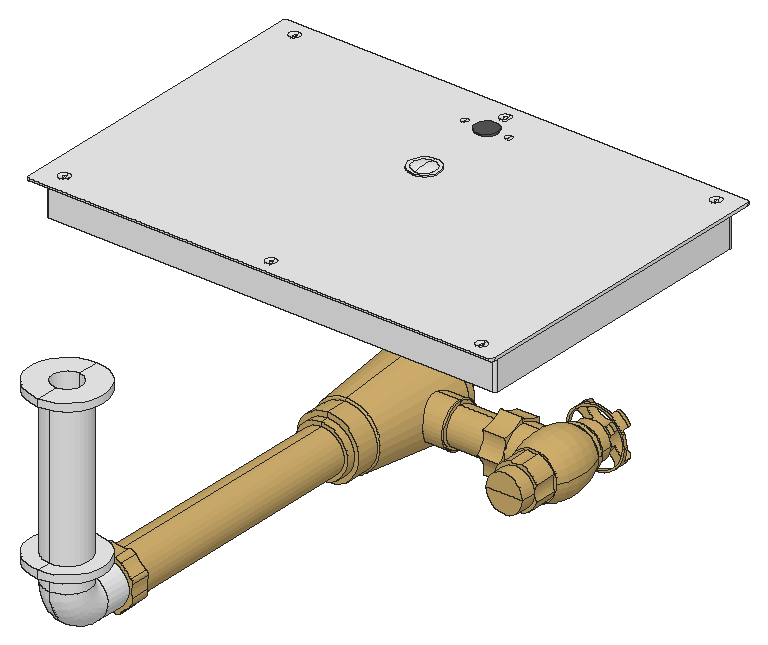
Revit family "Flush_Valve-Urinal_Concealed-American_Standard-Selectronic-Exposed_Back_Spud-606B5XX_Series", category Plumbing Fixtures, host Face, Revit 2019
Family settings
  Host = Face
  Round Connector Dimension = Use Diameter
  Part Type = Normal
  OmniClass Number = 23.65.70.00
  OmniClass Title = Terminals for Supplied Liquids and Gases
  Cut with Voids When Loaded = Yes
  Shared = Yes
  Room Calculation Point = No
Parameters (values of type "606B.510.007")
  Width = 15 7/8"  # constant formula
  Waste Connection = no
  Warranty Information = "1 Year Limited Warranty"  # constant formula
  WFU = 5  # constant formula
  Vent Connection = no
  URL = "http://www.americanstandard-us.com/"
  Type Comments = "Power Kits Must Be Purchased Separately."  # constant formula
  Tube Length to Wall Constraint = 5"
  Tube Length to Wall = if(Tube Length to Wall Constraint > 8", 8", Tube Length to Wall Constraint)  # 5"
  Revised Date = "10/01/2021"  # constant formula
  Product Page URL = "https://www.americanstandard-us.com/Sensor-Flush-Valves/Ultima-Selectronic-Concealed-Urinal-Flush-Valve-with-Wall-Box-Base-Model-Piston-Type-10-gpf-38-Lpf/NO-FINISH-606B510007"
  Product Documentation Link = "https://americanstandard.box.com/shared/static/hffuhxsp03k6ij2fh81jp4kf0t2vi0qi.pdf"
  Price = "Prices may vary. Please consult Manufacturer Representative for most up-to-date price list."  # constant formula
  PK00.WRK Power Kit = no
  PK00.PAC Power Kit = no
  PK00.MAC Power Kit = no
  PK00.HAC Power Kit = no
  PK00.CRP Power Kit = no
  Operating Pressure = "20 psi (flowing) - 80 psi (static)"  # constant formula
  NPT Distance to Valve Constraint = 6"
  NPT Distance to Valve = if(NPT Distance to Valve Constraint < 4 1/4", 4 1/4", if(NPT Distance to Valve Constraint > 5 1/4", 5 1/4", NPT Distance to Valve Constraint))  # 5 1/4"
  Model = "606B.510.007"
  Material = "Brass-American Standard-Satin Brass"
  Manufacturer = "American Standard"  # constant formula
  Installation Type = "Concealed, Back Spud"  # constant formula
  Height = 11"  # constant formula
  HWFU = 0  # constant formula
  HW Connection = no
  Flush Rate = "1.0 gpf/0.5 Lpf"
  Finish - Wall Box = Stainless Steel-American Standard-007-Chrome
  Finish = Brass-American Standard-Satin Brass
  Description = "Ultima Selectronic Sensor Operated Concealed Urinal Flush Valve"  # constant formula
  Default Elevation = 0"
  Critical Line Distance from Tube Constraint = 5"
  Critical Line Distance from Tube = if(Critical Line Distance from Tube Constraint < 6", 6", Critical Line Distance from Tube Constraint)  # 6"
  Creation Date = "03/30/2021"  # constant formula
  Cold Water Connection Radius = 3/8"
  Cold Water Connection Diameter = Cold Water Connection Radius * 2  # 3/4"
  CWFU = 5  # constant formula
  CW Connection = yes
  Assembly Code = "D2020100"
  ADA Compliant = yes
Types (4): name | Product Page URL | NPT Distance to Valve Constraint | Model | Flush Rate | Critical Line Distance from Tube Constraint
  (no name) | "https://www.americanstandard-us.com/Sensor-Flush-Valves/Ultima-Selectronic-Concealed-Urinal-Flush-Valve-with-Wall-Box-Base-Model-Piston-Type-10-gpf-38-Lpf/NO-FINISH-606B510007" | 6" | "606B.510.007" | "1.0 gpf/0.5 Lpf" | 5"
  606B.501.007 | "hhttps://www.americanstandard-us.com/Sensor-Flush-Valves/Ultima-Selectronic-Concealed-Urinal-Flush-Valve-with-Wall-Box-Base-Model-Piston-Type-0125-gpf-05-Lpf/NO-FINISH-606B501007" | 5 1/4" | "606B.501.007" | "0.125 gpf/0.5 Lpf" | 6"
  606B.510.007 | "https://www.americanstandard-us.com/Sensor-Flush-Valves/Ultima-Selectronic-Concealed-Urinal-Flush-Valve-with-Wall-Box-Base-Model-Piston-Type-10-gpf-38-Lpf/NO-FINISH-606B510007" | 6" | "606B.510.007" | "1.0 gpf/0.5 Lpf" | 5"
  606B.505.007 | "https://www.americanstandard-us.com/Sensor-Flush-Valves/Ultima-Selectronic-Concealed-Urinal-Flush-Valve-with-Wall-Box-Base-Model-Piston-Type-05-gpf-19-Lpf/NO-FINISH-606B505007" | 5 1/4" | "606B.505.007" | "0.5 gpf/1.9 Lpf" | 6"
Reference planes (in)
  plane 1 "Center (Front/Back)": y = 0
  plane 2: z = 0
  plane 3 "Center (Left/Right)": x = 0
  plane 4: y = 1.69552
  plane 5: y = 18.51443
  plane 6: y = 8.6875
  plane 7: y = 8.51443
  plane 8: y = 18.51443
  plane 9: y = 18.51443
  plane 10: y = 8.51443
  plane 11: y = 17.78651
  plane 12: y = 17.78651
  plane 13: y = 15.22284
  plane 14: y = 15.72897
  plane 15: x = 5.25
  plane 16: z = -6.66867
  plane 17: y = 6
  plane 18: y = 14.25
  plane 19: z = -5
  plane 20: y = 19.1875
  plane 21: y = 8.1875
  plane 22: x = 7.9375
  plane 23: x = -7.9375
Forms (in)
  Revolve 1, solid, material "Brass-American Standard-Satin Brass" <- "Finish"
    sketch origin (0, -21.89848, -8) x (0, -1, 0) y (0, 0, 1)
      loop
        line (-23.59401, 1.33133) -> (-23.59401, 2.33133) -> (-24.21901, 2.33133) -> (-24.21901, 2.08133) -> (-32.75048, 2.08133) -> (-32.75048, 2.21921) -> (-33.01835, 2.21921) -> (-33.01835, 2.39383) -> (-33.78323, 2.39383)
        arc (-33.78323, 2.39383) -> (-33.7917, 2.44131) -> (-33.83145, 2.46863) r 0.0625
        arc (-33.83145, 2.46863) -> (-35.48525, 2.73098) -> (-37.15673, 2.83133) r 17.20619
        line (-37.15673, 2.83133) -> (-37.15673, 2.70692) -> (-37.53151, 2.70692) -> (-37.53151, 2.45692) -> (-37.71901, 2.45692) -> (-37.71901, 1.92433) -> (-37.84401, 1.92433) -> (-37.84401, 1.95633) -> (-38.59401, 1.95633) -> (-38.59401, 1.33133) -> (-23.59401, 1.33133)
      axis (-38.59401, 1.33133) -> (-23.59401, 1.33133)
    angle from 0 to 360
  Sweep 2, solid, material "Stainless Steel-American Standard-007-Chrome" <- "Finish - Wall Box"
    path origin (0, 0, -6.78125) x (0, 0, -1) y (0, 1, 0)
      loop
        line (-0.11258, 1.69552) -> (-0.11258, 0.8)
        arc (-0.11258, 0.8) -> (-0.34689, 0.23431) -> (-0.91258, 0) r 0.8
        line (-0.91258, 0) -> (-1.73071, 0)
    profile origin (0, 1.24776, -6.66867) x (0, 0, -1) y (1, 0, 0)
      loop
        circle (0, 0) r 0.75
  Revolve 3, solid, material "Brass-American Standard-Satin Brass" <- "Finish"
    sketch origin (-8.47849, 14.25, -7.98125) x (-1, 0, 0) y (0, 0, 1)
      loop
        line (-8.47849, 1.31258) -> (-13.72849, 1.31258) -> (-13.72849, 0.50008) -> (-12.60349, 0.50008) -> (-12.60349, 0.31258) -> (-11.85349, 0.31258) -> (-11.85349, 0.68758) -> (-10.48636, 0.68758) -> (-10.48636, 0.59274)
        arc (-10.48636, 0.59274) -> (-10.47753, 0.57141) -> (-10.4562, 0.56258) r 0.03016
        line (-10.4562, 0.56258) -> (-8.47849, 0.56258) -> (-8.47849, 1.31258)
      axis (-13.72849, 1.31258) -> (-8.47849, 1.31258)
    angle from 0 to 360
  Extrusion 4, solid, material "Stainless Steel-American Standard-007-Chrome"
    sketch origin (0.00041, -3.21824, 2.68694) x (1, 0, 0) y (0, 1, 0)
      loop
        arc (7.5771, 11.90776) -> (7.63278, 11.93082) -> (7.65584, 11.9865) r 0.07874
        line (7.65584, 11.9865) -> (7.65584, 21.90406)
        arc (7.65584, 21.90406) -> (7.63278, 21.95974) -> (7.5771, 21.9828) r 0.07874
        line (7.5771, 21.9828) -> (-7.57792, 21.9828)
        arc (-7.57792, 21.9828) -> (-7.6336, 21.95974) -> (-7.65666, 21.90406) r 0.07874
        line (-7.65666, 21.90406) -> (-7.65666, 11.9865)
        arc (-7.65666, 11.9865) -> (-7.6336, 11.93082) -> (-7.57792, 11.90776) r 0.07874
        line (-7.57792, 11.90776) -> (7.5771, 11.90776)
      loop
        line (-7.53166, 21.8578) -> (-7.53166, 12.03375) -> (7.53084, 12.03375) -> (7.53084, 21.8578) -> (-7.53166, 21.8578)
    from -3.93694 to -2.68694
  Extrusion 5, solid, material "Stainless Steel-American Standard-007-Chrome" <- "Finish - Wall Box"
    sketch origin (0, 0, 0) x (1, 0, 0) y (0, 1, 0)
      loop
        arc (7.82813, 8.1875) -> (7.90546, 8.21954) -> (7.9375, 8.29687) r 0.10938
        line (7.9375, 8.29687) -> (7.9375, 19.07812)
        arc (7.9375, 19.07812) -> (7.90546, 19.15546) -> (7.82813, 19.1875) r 0.10938
        line (7.82813, 19.1875) -> (-7.82894, 19.1875)
        arc (-7.82894, 19.1875) -> (-7.9057, 19.1557) -> (-7.9375, 19.07894) r 0.10856
        line (-7.9375, 19.07894) -> (-7.9375, 8.29687)
        arc (-7.9375, 8.29687) -> (-7.90546, 8.21954) -> (-7.82812, 8.1875) r 0.10937
        line (-7.82812, 8.1875) -> (7.82813, 8.1875)
    from 0 to 0.07874
  Revolve 6, void
    sketch origin (-7.1875, 0.4375, -2.03227) x (0, 0, -1) y (0, 1, 0)
      loop
        line (-2.11101, 18.07693) -> (-2.07901, 18.16987) -> (-2.07901, 18.25) -> (-2.11101, 18.25) -> (-2.11101, 18.07693)
      axis (-2.11101, 18.25) -> (-2.07164, 18.25)
    angle from 0 to 360
  Revolve 7, void
    sketch origin (-7.1875, -9.38943, -2.03227) x (0, 0, -1) y (0, 1, 0)
      loop
        line (-2.11101, 18.07693) -> (-2.07901, 18.16987) -> (-2.07901, 18.25) -> (-2.11101, 18.25) -> (-2.11101, 18.07693)
      axis (-2.11101, 18.25) -> (-2.07164, 18.25)
    angle from 0 to 360
  Revolve 8, void
    sketch origin (7.1875, -9.5625, -2.03227) x (0, 0, -1) y (0, 1, 0)
      loop
        line (-2.11101, 18.07693) -> (-2.07901, 18.16987) -> (-2.07901, 18.25) -> (-2.11101, 18.25) -> (-2.11101, 18.07693)
      axis (-2.11101, 18.25) -> (-2.07164, 18.25)
    angle from 0 to 360
  Revolve 9, void
    sketch origin (7.1875, 0.4375, -2.03227) x (0, 0, -1) y (0, 1, 0)
      loop
        line (-2.11101, 18.07693) -> (-2.07901, 18.16987) -> (-2.07901, 18.25) -> (-2.11101, 18.25) -> (-2.11101, 18.07693)
      axis (-2.11101, 18.25) -> (-2.07164, 18.25)
    angle from 0 to 360
  Revolve 10, void
    sketch origin (0, 0.4375, -2.03227) x (0, 0, -1) y (0, 1, 0)
      loop
        line (-2.11101, 18.07693) -> (-2.07901, 18.16987) -> (-2.07901, 18.25) -> (-2.11101, 18.25) -> (-2.11101, 18.07693)
      axis (-2.11101, 18.25) -> (-2.07164, 18.25)
    angle from 0 to 360
  Revolve 11, void
    sketch origin (0, -9.5625, -2.03227) x (0, 0, -1) y (0, 1, 0)
      loop
        line (-2.11101, 18.07693) -> (-2.07901, 18.16987) -> (-2.07901, 18.25) -> (-2.11101, 18.25) -> (-2.11101, 18.07693)
      axis (-2.11101, 18.25) -> (-2.07164, 18.25)
    angle from 0 to 360
  Revolve 12, void
    sketch origin (-0.75, -0.36192, -2.03227) x (0, 0, -1) y (0, 1, 0)
      loop
        line (-2.11101, 18.14844) -> (-2.07901, 18.20993) -> (-2.07901, 18.25) -> (-2.11101, 18.25) -> (-2.11101, 18.14844)
      axis (-2.11101, 18.25) -> (-2.07164, 18.25)
    angle from 0 to 360
  Revolve 13, void
    sketch origin (0.75, -0.36192, -2.03227) x (0, 0, -1) y (0, 1, 0)
      loop
        line (-2.11101, 18.14844) -> (-2.07901, 18.20993) -> (-2.07901, 18.25) -> (-2.11101, 18.25) -> (-2.11101, 18.14844)
      axis (-2.11101, 18.25) -> (-2.07164, 18.25)
    angle from 0 to 360
  Revolve 14, solid, material "Stainless Steel-American Standard-007-Chrome" <- "Finish - Wall Box"
    sketch origin (0, 23.1149, 51.16511) x (0, 0, -1) y (0, 1, 0)
      loop
        line (51.08637, -7.89205) -> (51.08637, -7.38592) -> (51.05437, -7.38592) -> (51.05437, -7.51092)
        arc (51.05437, -7.51092) -> (51.01515, -7.6997) -> (51.002, -7.89205) r 1.41307
        line (51.002, -7.89205) -> (51.08637, -7.89205)
      axis (51.002, -7.89205) -> (51.08637, -7.89205)
    angle from 0 to 360
  Extrusion 15, void
    sketch origin (2.67097, 2.78368, -8.01931) x (0, 1, 0) y (0, 0, 1)
      loop
        arc (12.45466, 1.34038) -> (12.24765, 1.66545) -> (12.15315, 2.03908) r 1.21199
        arc (12.15315, 2.03908) -> (11.78699, 2.1294) -> (11.46632, 2.32791) r 1.21199
        arc (11.46632, 2.32791) -> (11.1285, 2.10136) -> (10.73475, 1.99935) r 1.21199
        arc (10.73475, 1.99935) -> (10.70893, 1.619) -> (10.47893, 1.31497) r 0.66675
        arc (10.47893, 1.31497) -> (10.7147, 1.00667) -> (10.77541, 0.62333) r 0.79091
        arc (10.77541, 0.62333) -> (11.17298, 0.58922) -> (11.49375, 0.35186) r 0.73286
        arc (11.49375, 0.35186) -> (11.79041, 0.56323) -> (12.14997, 0.62154) r 0.80183
        arc (12.14997, 0.62154) -> (12.24285, 1.00617) -> (12.45466, 1.34038) r 1.21199
      loop
        circle (11.46632, 1.34522) r 1.17089
    from 0.70403 to 1.45403
  Extrusion 16, void
    sketch origin (11.51341, 13.37924, -8.01931) x (-1, 0, 0) y (0, 0, 1)
      loop
        arc (12.61994, 0.87107) -> (12.54576, 1.32798) -> (12.61877, 1.78508) r 1.45559
        arc (12.61877, 1.78508) -> (12.25723, 2.05866) -> (11.99739, 2.4302) r 1.45579
        arc (11.99739, 2.4302) -> (11.51706, 2.34044) -> (11.0341, 2.41471) r 1.45556
        arc (11.0341, 2.41471) -> (10.77934, 2.05062) -> (10.42662, 1.78035) r 1.45579
        arc (10.42662, 1.78035) -> (10.46881, 1.32832) -> (10.42605, 0.87634) r 2.42631
        arc (10.42605, 0.87634) -> (10.81011, 0.6101) -> (11.09003, 0.23589) r 1.45598
        arc (11.09003, 0.23589) -> (11.51716, 0.29277) -> (11.94222, 0.22214) r 1.45598
        arc (11.94222, 0.22214) -> (12.22738, 0.6027) -> (12.61994, 0.87107) r 1.45598
      loop
        circle (11.52577, 1.34522) r 1.42647
    from 2.25378 to 2.97553
  Extrusion 17, void
    sketch origin (11.56028, 0.17623, -8.03494) x (-1, 0, 0) y (0, 0, 1)
      loop
        arc (12.43776, 1.13261) -> (12.41532, 1.39447) -> (12.4496, 1.65505) r 1.21735
        arc (12.4496, 1.65505) -> (12.44464, 1.7253) -> (12.39983, 1.77963) r 0.11559
        arc (12.39983, 1.77963) -> (12.19036, 1.94982) -> (12.0234, 2.16187) r 1.22116
        arc (12.0234, 2.16187) -> (11.95101, 2.22254) -> (11.85675, 2.22855) r 0.15153
        arc (11.85675, 2.22855) -> (11.5796, 2.18978) -> (11.30088, 2.2148) r 1.22716
        arc (11.30088, 2.2148) -> (11.1785, 2.20303) -> (11.08408, 2.12431) r 0.20827
        arc (11.08408, 2.12431) -> (10.93008, 1.93254) -> (10.7409, 1.77538) r 1.2261
        arc (10.7409, 1.77538) -> (10.67832, 1.69806) -> (10.66985, 1.59895) r 0.16961
        arc (10.66985, 1.59895) -> (10.69659, 1.3824) -> (10.68431, 1.16456) r 1.2198
        arc (10.68431, 1.16456) -> (10.70552, 0.99956) -> (10.80948, 0.86971) r 0.30778
        arc (10.80948, 0.86971) -> (10.95042, 0.75158) -> (11.07197, 0.61358) r 1.21828
        arc (11.07197, 0.61358) -> (11.16512, 0.54422) -> (11.28096, 0.53589) r 0.20715
        arc (11.28096, 0.53589) -> (11.53873, 0.56342) -> (11.79654, 0.53613) r 1.22591
        arc (11.79654, 0.53613) -> (11.90895, 0.54567) -> (11.99692, 0.6163) r 0.19339
        arc (11.99692, 0.6163) -> (12.16283, 0.81192) -> (12.36594, 0.96858) r 1.22145
        arc (12.36594, 0.96858) -> (12.42751, 1.03936) -> (12.43776, 1.13261) r 0.15712
      loop
        circle (11.55702, 1.39209) r 1.25
    from 1.51929 to 2.14429
  Extrusion 18, void
    sketch origin (15.78162, 13.56674, -8.06619) x (-1, 0, 0) y (0, 0, 1)
      loop
        arc (10.07498, 2.36928) -> (10.53162, 1.71598) -> (10.98825, 2.36928) r 0.48624
        arc (10.98825, 2.36928) -> (10.53162, 2.55627) -> (10.07498, 2.36928) r 0.65106
      loop
        arc (10.06809, 0.39733) -> (10.53162, 0.27538) -> (10.99514, 0.39733) r 0.94188
        arc (10.99514, 0.39733) -> (10.53162, 1.03046) -> (10.06809, 0.39733) r 0.48624
      loop
        arc (11.53487, 1.8736) -> (10.96506, 1.40818) -> (11.53487, 0.94276) r 0.47498
        arc (11.53487, 0.94276) -> (11.64708, 1.40818) -> (11.53487, 1.8736) r 1.02126
      loop
        arc (9.60783, 1.89851) -> (9.41615, 1.40818) -> (9.60783, 0.91785) r 0.72298
        arc (9.60783, 0.91785) -> (10.09817, 1.40818) -> (9.60783, 1.89851) r 0.49033
    from 2.47345 to 2.98052
  Extrusion 19, void
    sketch origin (15.78162, 8.5, -8.06619) x (-1, 0, 0) y (0, 0, 1)
      loop
        arc (10.07498, 2.36928) -> (10.53162, 2.08759) -> (10.98825, 2.36928) r 0.51096
        arc (10.98825, 2.36928) -> (10.53162, 2.55627) -> (10.07498, 2.36928) r 0.65106
      loop
        arc (11.46413, 1.8736) -> (11.17453, 1.40818) -> (11.46413, 0.94276) r 0.51878
        arc (11.46413, 0.94276) -> (11.59401, 1.40818) -> (11.46413, 1.8736) r 0.89887
      loop
        arc (9.65008, 1.89261) -> (9.46922, 1.40818) -> (9.65008, 0.92375) r 0.73921
        arc (9.65008, 0.92375) -> (9.8887, 1.40818) -> (9.65008, 1.89261) r 0.61102
      loop
        arc (10.07498, 0.42574) -> (10.53162, 0.23875) -> (10.98825, 0.42574) r 0.65106
        arc (10.98825, 0.42574) -> (10.53162, 0.70744) -> (10.07498, 0.42574) r 0.51096
    from 4.07432 to 4.82432
  Extrusion 20, solid, material "Glass-American Standard-Glossy Black"
    sketch origin (0, 0, 0) x (1, 0, 0) y (0, 1, 0)
      loop
        circle (0, 17.88808) r 0.375
    from 0.06667 to 0.11074
  Revolve 21, solid, material "Brass-American Standard-Satin Brass" <- "Finish"
    sketch origin (0, 10.852, -6.66867) x (-1, 0, 0) y (0, -1, 0)
      loop
        line (-5.25, -5.65541) -> (-5.25, -1.22232) -> (-5.875, -1.22232) -> (-5.875, -1.72232) -> (-6, -1.72232) -> (-6, -2.47232) -> (-6.05178, -2.47232)
        arc (-6.05178, -2.47232) -> (-6.25042, -3.34732) -> (-6.05178, -4.22232) r 2.02641
        line (-6.05178, -4.22232) -> (-6, -4.28799) -> (-6, -4.44475) -> (-5.875, -4.59732) -> (-5.875, -4.97232) -> (-5.34375, -4.97232) -> (-5.34375, -5.06426) -> (-5.4375, -5.06426) -> (-5.4375, -5.18819) -> (-5.75, -5.18819) -> (-5.75, -5.33694) -> (-6.1875, -5.33694) -> (-6.1875, -5.10337) -> (-6.25, -5.10337) -> (-6.25, -5.40541)
        arc (-6.25, -5.40541) -> (-6.17678, -5.58219) -> (-6, -5.65541) r 0.25
        line (-6, -5.65541) -> (-5.25, -5.65541)
      axis (-5.25, -1.22232) -> (-5.25, -5.65541)
    angle from 0 to 360
  Revolve 22, solid, material "Stainless Steel-American Standard-007-Chrome" <- "Finish - Wall Box"
    sketch origin (0, 0, 0) x (0, 1, 0) y (0, 0, 1)
      loop
        line (-0.5, 0.25) -> (-1.25, 0.25) -> (-1.25, 0) -> (-0.75, 0) -> (-0.75, -5) -> (-1.25, -5) -> (-1.25, -5.25) -> (-0.5, -5.25) -> (-0.5, 0.25)
      axis (0, -5.25) -> (0, 0.25)
    angle from 0 to 360
Cuts and joins
  Revolve 6, Revolve 7, Revolve 8, Revolve 9, Revolve 10, Revolve 11, Revolve 12, Revolve 13 cuts Extrusion 5
  Extrusion 16, Extrusion 17 cuts Revolve 1
  Extrusion 15 cuts Revolve 3
  Extrusion 18, Extrusion 19 cuts Revolve 21
  joined: Sweep 2, Revolve 22
Lines and regions (in)
  Masking region 1
    outline origin (0, 0, 0) x (1, 0, 0) y (0, 0, 1)
      loop
        line (8.9375, 0) -> (8.9375, 0.07874) -> (1.24633, 0.07874) -> (1.24633, 0.25) -> (0, 0.25) -> (-1.25005, 0.25) -> (-1.25005, 0.07874) -> (-7.9375, 0.07874) -> (-7.9375, 0) -> (8.9375, 0)
  symbolic lines, detail levels medium+fine
    curve 1: line (1.12632, 0, 0) -> (0, 0, 0)
    curve 2: line (0, 0, 0) -> (-1.12632, 0, 0)
    curve 3: line (1.24633, 0, 0.07874) -> (-1.25005, 0, 0.07874)
Dimensions and locks (in)
  locked: plane 14 to plane 13 at 0.50613
  equal spacing: Extrusion 18 sketch curve, plane 15, Extrusion 18 sketch curve  (x4)
  equal spacing: Extrusion 19 sketch curve, cut or joined group of Revolve 3, Extrusion 15, Extrusion 19 sketch curve  (x2)
  "NPT Distance to Valve": plane 3 "Center (Left/Right)" to plane 15
  "Critical Line Distance from Tube": plane 17 to plane 1 "Center (Front/Back)"
  plane 15 to Revolve 3 sketch curve to Revolve 3 sketch curve = 1 1/8" locked, 3/4" locked
  locked: Revolve 3 sketch curve to plane 3 "Center (Left/Right)" at 2.00788
  cut or joined group 1 (Extrusion 5, Revolve 6, Revolve 7, Revolve 8, Revolve 9, Revolve 10, Revolve 11, Revolve 12, Revolve 13) to cut or joined group 1 = 0.07874"
  level to Extrusion 4 = 1 1/4"
  locked: plane 16 to plane 19 at 1.66867
  locked: Revolve 1 sketch curve to Revolve 1 sketch curve at 0.625
  Revolve 1 sketch curve to Revolve 1 sketch curve to Revolve 1 sketch curve to Revolve 1 sketch curve to Revolve 1 sketch curve = 0.593" locked, 0.5326" locked, 1/4" locked, 0.1255" locked
  Revolve 1 sketch curve to Revolve 1 sketch curve to Revolve 1 sketch curve to Revolve 1 sketch curve = 0.17461" locked, 0.13789" locked, 3/4" locked
  plane 17 to Revolve 1 sketch curve to Revolve 1 sketch curve = 3.67948" locked, 5/8" locked
  "Tube Length to Wall": plane 19 to level
  locked: Revolve 22 sketch curve to level at 0.25
  locked: Revolve 22 sketch curve to plane 19 at 0.25
  locked: Extrusion 4 sketch curve to Extrusion 4 sketch curve at 0.125  (x3)
  locked: Extrusion 4 sketch curve to Extrusion 4 sketch curve at 0.12599
  locked: Extrusion 4 sketch curve to Extrusion 4 sketch curve at 10.07504
  locked: plane 1 "Center (Front/Back)" to Revolve 22 sketch curve at 0.5
  plane 21 to plane 18 to plane 20 = 6 1/16", 4 15/16"
  locked: plane 21 to plane 20 at 11
  equal spacing: plane 23, plane 3 "Center (Left/Right)", plane 22
  locked: plane 23 to plane 22 at 15.875
  cut or joined group 1 to cut or joined group 1 = 15 7/8"
  equal spacing: Extrusion 4 sketch curve, plane 3 "Center (Left/Right)", Extrusion 4 sketch curve
  locked: Extrusion 4 sketch curve to Extrusion 4 sketch curve at 15.3125
  Extrusion 4 to Extrusion 4 = 15 5/16"
  radius of Extrusion 19 sketch curve = 0.51096"  (x2)
  radius of Extrusion 19 sketch curve = 0.65106"  (x2)
  radius of Extrusion 19 sketch curve = 0.61102"
  radius of Extrusion 19 sketch curve = 0.73921"
  radius of Extrusion 19 sketch curve = 0.51878"
  radius of Extrusion 19 sketch curve = 0.89887"
  radius of Revolve 21 sketch curve = 2.02641"
  radius of Revolve 21 sketch curve = 1/4"
  radius of Extrusion 15 sketch curve = 0.66675"
  radius of Extrusion 15 sketch curve = 1.21199"  (x4)
  radius of Extrusion 15 sketch curve = 0.80183"
  radius of Extrusion 15 sketch curve = 0.73286"
  radius of Extrusion 15 sketch curve = 0.79091"
  radius of Extrusion 15 sketch curve = 1.17089"  (x2)
  radius of Sweep 2 sketch curve = 3/4"
  radius of Sweep 2 sketch curve = 0.8"
  radius of Revolve 1 sketch curve = 17.20619"
  radius of Extrusion 5 sketch curve = 0.10856"
  radius of Extrusion 5 sketch curve = 7/64"  (x3)
  aligned and locked: plane 2 to host face
  aligned and locked: level to host face
  aligned and locked: cut or joined group of Revolve 3, Extrusion 15 to plane 15
  aligned and locked: cut or joined group of Revolve 3, Extrusion 15 to plane 3 "Center (Left/Right)"
  aligned and locked: Extrusion 15 to Revolve 3  (x2)
  aligned and locked: plane 18 to Extrusion 15 sketch curve
  aligned and locked: plane 16 to Sweep 2 sketch curve  (x2)
  aligned and locked: level to Extrusion 4
  aligned and locked: cut or joined group 1 to level
  aligned and locked: plane 16 to cut or joined group of Extrusion 18, Extrusion 19, Revolve 21  (x3)
  aligned and locked: Revolve 22 sketch curve to plane 19
  aligned and locked: Masking region 1 to cut or joined group of Sweep 2, Revolve 22
  aligned and locked: curve 3 to Masking region 1
  aligned and locked: plane 1 "Center (Front/Back)" to Revolve 22 sketch curve
  aligned and locked: Extrusion 5 sketch curve to plane 22
  aligned and locked: plane 23 to Extrusion 5 sketch curve
  aligned and locked: plane 20 to Extrusion 5 sketch curve
  aligned and locked: Extrusion 5 sketch curve to plane 21
Automatic sketch dimensions
  host sketch curve to host sketch curve = 96"  (x2)
  Revolve 1 sketch curve to Revolve 1 sketch curve = 0.061"
  Revolve 1 sketch curve to Revolve 1 sketch curve = 1/4"  (x2)
  Sweep 2 sketch curve to plane 1 "Center (Front/Back)" = 0"
  Sweep 2 sketch curve to plane 4 = 0"
  Sweep 2 sketch curve to Sweep 2 sketch curve = 0.81813"
  Sweep 2 sketch curve to profile plane = 0"  (x2)
  Revolve 6 sketch curve to plane 5 = 0"
  level to Revolve 6 sketch curve = 0.07874"
  Revolve 6 sketch curve to Revolve 6 sketch curve = 0.032"
  Revolve 6 sketch curve to plane 5 = 0.09294"
  Revolve 6 sketch curve to Revolve 6 sketch curve = 0.08013"
  Revolve 6 sketch curve to Revolve 6 sketch curve = 0"  (x2)
  Revolve 6 sketch curve to level = 0.00526"
  Revolve 7 sketch curve to plane 6 = 0"
  level to Revolve 7 sketch curve = 0.07874"
  Revolve 7 sketch curve to Revolve 7 sketch curve = 0.032"
  Revolve 7 sketch curve to plane 6 = 0.09294"
  Revolve 7 sketch curve to Revolve 7 sketch curve = 0.08013"
  Revolve 7 sketch curve to Revolve 7 sketch curve = 0"  (x2)
  Revolve 7 sketch curve to level = 0.00526"
  Revolve 8 sketch curve to plane 7 = 0"
  level to Revolve 8 sketch curve = 0.07874"
  Revolve 8 sketch curve to Revolve 8 sketch curve = 0.032"
  Revolve 8 sketch curve to plane 7 = 0.09294"
  Revolve 8 sketch curve to Revolve 8 sketch curve = 0.08013"
  Revolve 8 sketch curve to Revolve 8 sketch curve = 0"  (x2)
  Revolve 8 sketch curve to level = 0.00526"
  Revolve 9 sketch curve to plane 8 = 0"
  level to Revolve 9 sketch curve = 0.07874"
  Revolve 9 sketch curve to Revolve 9 sketch curve = 0.032"
  Revolve 9 sketch curve to plane 8 = 0.09294"
  Revolve 9 sketch curve to Revolve 9 sketch curve = 0.08013"
  Revolve 9 sketch curve to Revolve 9 sketch curve = 0"  (x2)
  Revolve 9 sketch curve to level = 0.00526"
  Revolve 10 sketch curve to plane 9 = 0"
  level to Revolve 10 sketch curve = 0.07874"
  Revolve 10 sketch curve to Revolve 10 sketch curve = 0.032"
  Revolve 10 sketch curve to plane 9 = 0.09294"
  Revolve 10 sketch curve to Revolve 10 sketch curve = 0.08013"
  Revolve 10 sketch curve to Revolve 10 sketch curve = 0"  (x2)
  Revolve 10 sketch curve to level = 0.00526"
  Revolve 11 sketch curve to plane 10 = 0"
  level to Revolve 11 sketch curve = 0.07874"
  Revolve 11 sketch curve to Revolve 11 sketch curve = 0.032"
  Revolve 11 sketch curve to plane 10 = 0.09294"
  Revolve 11 sketch curve to Revolve 11 sketch curve = 0.08013"
  Revolve 11 sketch curve to Revolve 11 sketch curve = 0"  (x2)
  Revolve 11 sketch curve to level = 0.00526"
  Revolve 12 sketch curve to plane 11 = 0"
  level to Revolve 12 sketch curve = 0.07874"
  Revolve 12 sketch curve to Revolve 12 sketch curve = 0.032"
  Revolve 12 sketch curve to plane 11 = 0.0615"
  Revolve 12 sketch curve to Revolve 12 sketch curve = 0.04007"
  Revolve 12 sketch curve to Revolve 12 sketch curve = 0"  (x2)
  Revolve 12 sketch curve to level = 0.00526"
  Revolve 13 sketch curve to plane 12 = 0"
  level to Revolve 13 sketch curve = 0.07874"
  Revolve 13 sketch curve to Revolve 13 sketch curve = 0.032"
  Revolve 13 sketch curve to plane 12 = 0.0615"
  Revolve 13 sketch curve to Revolve 13 sketch curve = 0.04007"
  Revolve 13 sketch curve to Revolve 13 sketch curve = 0"  (x2)
  Revolve 13 sketch curve to level = 0.00526"
  Revolve 14 sketch curve to plane 13 = 0"  (x2)
  Revolve 14 sketch curve to plane 14 = 0"
  level to Revolve 14 sketch curve = 0.16311"
  level to Revolve 14 sketch curve = 0.11074"
  level to Revolve 14 sketch curve = 0.07874"
  Revolve 14 sketch curve to level = 1.24996"
  Revolve 14 sketch curve to Revolve 14 sketch curve = 0"
  level to Revolve 14 sketch curve = 0.02397"
  Revolve 3 sketch curve to plane 15 = 0"
  Revolve 3 sketch curve to plane 3 "Center (Left/Right)" = 0"
  Revolve 3 sketch curve to plane 16 = 0"  (x2)
  Revolve 3 sketch curve to Revolve 3 sketch curve = 0.03016"
  plane 16 to Revolve 3 sketch curve = 5/8"
  Revolve 3 sketch curve to Revolve 3 sketch curve = 0.09484"
  Revolve 3 sketch curve to Revolve 3 sketch curve = 3/16"  (x2)
  Revolve 3 sketch curve to Revolve 3 sketch curve = 1/2"
  Revolve 3 sketch curve to Revolve 3 sketch curve = 2"
  Extrusion 4 sketch curve to Extrusion 4 sketch curve = 0.07874"  (x2)
  plane 17 to Extrusion 4 sketch curve = 2.68952"
  Extrusion 4 sketch curve to Extrusion 4 sketch curve = 0.04725"
  Extrusion 4 sketch curve to Extrusion 4 sketch curve = 0.04626"
  plane 16 to Extrusion 16 sketch curve = 0.02079"  (x2)
  Extrusion 16 sketch curve to plane 15 = 1.77909"
  plane 3 "Center (Left/Right)" to Extrusion 16 sketch curve = 1.7855"
  plane 3 "Center (Left/Right)" to Extrusion 16 sketch curve = 1.71411"
  plane 3 "Center (Left/Right)" to Extrusion 16 sketch curve = 0.01975"  (x2)
  plane 16 to Extrusion 16 sketch curve = 0.00542"
  Extrusion 16 sketch curve to plane 3 "Center (Left/Right)" = 0.01236"
  Extrusion 16 sketch curve to plane 3 "Center (Left/Right)" = 1.72093"
  Extrusion 16 sketch curve to plane 3 "Center (Left/Right)" = 1.79232"
  Extrusion 16 sketch curve to Extrusion 16 sketch curve = 0.69561"
  plane 16 to Extrusion 16 sketch curve = 1.78847"
  plane 16 to Extrusion 16 sketch curve = 1.79957"
  Extrusion 16 sketch curve to Extrusion 16 sketch curve = 0.72519"
  Extrusion 16 sketch curve to plane 16 = 1.70686"
  Extrusion 16 sketch curve to plane 16 = 1.71796"
  Extrusion 16 sketch curve to Extrusion 16 sketch curve = 0.73832"
  plane 16 to Extrusion 16 sketch curve = 0.47429"
  plane 3 "Center (Left/Right)" to Extrusion 16 sketch curve = 1.08736"
  Extrusion 16 sketch curve to plane 16 = 0.42971"
  plane 3 "Center (Left/Right)" to Extrusion 16 sketch curve = 0.47931"
  plane 3 "Center (Left/Right)" to Extrusion 16 sketch curve = 0.42338"
  Extrusion 16 sketch curve to plane 3 "Center (Left/Right)" = 0.42881"
  Extrusion 16 sketch curve to plane 3 "Center (Left/Right)" = 0.48398"
  Extrusion 16 sketch curve to plane 16 = 0.43445"
  plane 16 to Extrusion 17 sketch curve = 0.02445"
  plane 3 "Center (Left/Right)" to Extrusion 17 sketch curve = 2.08282"
  plane 3 "Center (Left/Right)" to Extrusion 17 sketch curve = 1.50435"
  plane 3 "Center (Left/Right)" to Extrusion 17 sketch curve = 1.46068"
  Extrusion 17 sketch curve to plane 16 = 0.26844"
  plane 3 "Center (Left/Right)" to Extrusion 17 sketch curve = 0.72463"
  plane 16 to Extrusion 17 sketch curve = 0.24643"
  Extrusion 17 sketch curve to Extrusion 17 sketch curve = 0.15318"
  plane 3 "Center (Left/Right)" to Extrusion 17 sketch curve = 0.32298"
  plane 3 "Center (Left/Right)" to Extrusion 17 sketch curve = 0.30156"
  plane 3 "Center (Left/Right)" to Extrusion 17 sketch curve = 0.02097"
  plane 3 "Center (Left/Right)" to Extrusion 17 sketch curve = 0.01105"
  plane 3 "Center (Left/Right)" to Extrusion 17 sketch curve = 0.00326"
  Extrusion 17 sketch curve to plane 3 "Center (Left/Right)" = 0.27683"
  Extrusion 17 sketch curve to plane 3 "Center (Left/Right)" = 0.33443"
  plane 16 to Extrusion 17 sketch curve = 0.26388"
  Extrusion 17 sketch curve to Extrusion 17 sketch curve = 0.44646"
  Extrusion 17 sketch curve to Extrusion 17 sketch curve = 0.05372"
  Extrusion 17 sketch curve to Extrusion 17 sketch curve = 185/256"
  Extrusion 17 sketch curve to Extrusion 17 sketch curve = 0.72316"
  Extrusion 17 sketch curve to plane 16 = 0.00063"
  Extrusion 17 sketch curve to Extrusion 17 sketch curve = 1.29506"
  Extrusion 17 sketch curve to Extrusion 17 sketch curve = 0.38145"
  Extrusion 17 sketch curve to Extrusion 17 sketch curve = 0.37716"
  Extrusion 17 sketch curve to Extrusion 17 sketch curve = 1.17397"
  Extrusion 17 sketch curve to Extrusion 17 sketch curve = 0.85877"
  Extrusion 17 sketch curve to Extrusion 17 sketch curve = 1.38771"
  Extrusion 17 sketch curve to plane 16 = 0.02583"
  Extrusion 17 sketch curve to plane 16 = 0.31615"
  Extrusion 17 sketch curve to Extrusion 17 sketch curve = 0.37613"
  Extrusion 17 sketch curve to Extrusion 17 sketch curve = 0.39945"
  Extrusion 17 sketch curve to Extrusion 17 sketch curve = 1.1576"
  Extrusion 17 sketch curve to Extrusion 17 sketch curve = 1.12426"
  Extrusion 17 sketch curve to Extrusion 17 sketch curve = 1.3347"
  Extrusion 17 sketch curve to Extrusion 17 sketch curve = 0.1658"
  Extrusion 17 sketch curve to Extrusion 17 sketch curve = 0"  (x15)
  Extrusion 18 sketch curve to plane 15 = 0"  (x3)
  Extrusion 18 sketch curve to plane 16 = 0.01067"  (x3)
  plane 15 to Extrusion 18 sketch curve = 0.39249"
  Extrusion 18 sketch curve to Extrusion 18 sketch curve = 0.53129"
  Extrusion 18 sketch curve to plane 15 = 0.09421"
  Extrusion 18 sketch curve to Extrusion 18 sketch curve = 0.81421"
  plane 16 to Extrusion 18 sketch curve = 0.18025"
  Extrusion 18 sketch curve to Extrusion 18 sketch curve = 0.67303"
  Extrusion 18 sketch curve to Extrusion 18 sketch curve = 0.49703"
  Extrusion 18 sketch curve to Extrusion 18 sketch curve = 0.29701"
  plane 15 to Extrusion 18 sketch curve = 0.45664"
  plane 15 to Extrusion 18 sketch curve = 0.46352"
  plane 16 to Extrusion 18 sketch curve = 0.45475"
  Extrusion 18 sketch curve to Extrusion 18 sketch curve = 0.14689"
  Extrusion 19 sketch curve to plane 15 = 0"  (x4)
  Extrusion 19 sketch curve to plane 16 = 0.01067"  (x4)
  plane 15 to Extrusion 19 sketch curve = 0.32318"
  Extrusion 19 sketch curve to Extrusion 19 sketch curve = 0.93075"
  plane 16 to Extrusion 19 sketch curve = 0.5077"
  Extrusion 19 sketch curve to Extrusion 19 sketch curve = 0.69334"  (x2)
  Extrusion 19 sketch curve to plane 16 = 0.5077"
  Extrusion 20 sketch curve to plane 3 "Center (Left/Right)" = 0"
  plane 17 to Extrusion 20 sketch curve = 11.88808"
  Extrusion 15 sketch curve to plane 18 = 0"
  Extrusion 15 sketch curve to plane 16 = 0.79503"
  Extrusion 15 sketch curve to Extrusion 15 sketch curve = 0.0017"
  plane 16 to Extrusion 15 sketch curve = 0.65558"
  Extrusion 15 sketch curve to Extrusion 15 sketch curve = 0.79139"
  Extrusion 15 sketch curve to Extrusion 15 sketch curve = 0.08208"
  plane 16 to Extrusion 15 sketch curve = 0.00542"
  Extrusion 15 sketch curve to plane 16 = 0.50181"
  Extrusion 15 sketch curve to Extrusion 15 sketch curve = 1.35451"
  Extrusion 15 sketch curve to Extrusion 15 sketch curve = 1.10096"
  plane 16 to Extrusion 15 sketch curve = 0.01026"
  Extrusion 15 sketch curve to plane 16 = 0.68844"
  plane 16 to Extrusion 15 sketch curve = 0.7291"
  Extrusion 15 sketch curve to Extrusion 15 sketch curve = 0.65622"
  Extrusion 15 sketch curve to Extrusion 15 sketch curve = 0.68683"
  plane 16 to Extrusion 15 sketch curve = 0.72731"
  Extrusion 15 sketch curve to plane 16 = 0.64871"
  Revolve 1 sketch curve to Revolve 1 sketch curve = 0.1244"
  Revolve 1 sketch curve to Revolve 1 sketch curve = 0.26787"
  plane 17 to Revolve 1 sketch curve = 0.68421"
  Revolve 21 sketch curve to plane 15 = 0"  (x2)
  plane 15 to Revolve 21 sketch curve = 3/32"
  Revolve 21 sketch curve to Revolve 21 sketch curve = 3/32"
  Revolve 21 sketch curve to Revolve 21 sketch curve = 5/16"
  Revolve 21 sketch curve to Revolve 21 sketch curve = 1/8"  (x2)
  plane 15 to Revolve 21 sketch curve = 5/8"
  plane 15 to Revolve 21 sketch curve = 3/4"
  Revolve 21 sketch curve to Revolve 21 sketch curve = 1/4"
  Revolve 21 sketch curve to Revolve 21 sketch curve = 0.05178"  (x2)
  Revolve 21 sketch curve to Revolve 21 sketch curve = 1/16"
  Revolve 21 sketch curve to plane 18 = 0.05068"
  Revolve 21 sketch curve to Revolve 21 sketch curve = 1.11974"
  Revolve 21 sketch curve to Revolve 21 sketch curve = 0.06567"
  Revolve 21 sketch curve to Revolve 21 sketch curve = 0.15676"
  Revolve 21 sketch curve to Revolve 21 sketch curve = 0.15257"
  Revolve 21 sketch curve to Revolve 21 sketch curve = 3/8"
  Revolve 21 sketch curve to Revolve 21 sketch curve = 0.09194"
  Revolve 21 sketch curve to Revolve 21 sketch curve = 0.13105"
  Revolve 21 sketch curve to Revolve 21 sketch curve = 0.12393"
  Revolve 21 sketch curve to Revolve 21 sketch curve = 0.23358"
  Revolve 21 sketch curve to Revolve 21 sketch curve = 0.06847"
  Revolve 21 sketch curve to Revolve 21 sketch curve = 3/4"
  Revolve 21 sketch curve to Revolve 21 sketch curve = 1/2"  (x2)
  Revolve 21 sketch curve to Revolve 21 sketch curve = 0.63623"
  plane 19 to Revolve 1 sketch curve = 1.66867"
  plane 18 to Revolve 1 sketch curve = 1.00825"
  Revolve 1 sketch curve to Revolve 1 sketch curve = 0.37478"
  Revolve 1 sketch curve to Revolve 1 sketch curve = 3/16"
  Revolve 1 sketch curve to Revolve 1 sketch curve = 1/8"
  Revolve 1 sketch curve to Revolve 1 sketch curve = 3/4"
  Revolve 1 sketch curve to Revolve 1 sketch curve = 0.76489"
  Revolve 1 sketch curve to Revolve 1 sketch curve = 0.01363"
  Revolve 1 sketch curve to Revolve 1 sketch curve = 0"
  plane 16 to Revolve 1 sketch curve = 0"
  Masking region 1 sketch curve to plane 3 "Center (Left/Right)" = 0"
  Masking region 1 sketch curve to plane 3 "Center (Left/Right)" = 7 15/16"
  level to Masking region 1 sketch curve = 1/4"
  plane 3 "Center (Left/Right)" to Masking region 1 sketch curve = 1.24633"
  plane 15 to Masking region 1 sketch curve = 3 11/16"
  level to Masking region 1 sketch curve = 0.07874"
  Masking region 1 sketch curve to plane 3 "Center (Left/Right)" = 1.25005"
  Masking region 1 sketch curve to Masking region 1 sketch curve = 0.07874"
  Masking region 1 sketch curve to level = 0"
  curve 2 to level = 0"
  curve 2 to plane 3 "Center (Left/Right)" = 0"
  curve 2 to curve 1 = 1.12632"
  curve 3 to curve 2 = 0.12373"
  plane 3 "Center (Left/Right)" to curve 1 = 1.12632"
  curve 1 to curve 3 = 0.12001"
  Revolve 22 sketch curve to level = 0"
  Revolve 22 sketch curve to Revolve 22 sketch curve = 1/2"  (x2)
  Revolve 22 sketch curve to Revolve 22 sketch curve = 1/4"
  Revolve 22 sketch curve to Revolve 22 sketch curve = 1 1/4"
  Revolve 22 sketch curve to Revolve 22 sketch curve = 3/4"
  radius of Extrusion 16 sketch curve = 1.42647"
  radius of Extrusion 17 sketch curve = 1 1/4"
  radius of Extrusion 20 sketch curve = 3/8"
Connectors (in)
  piping at (5.25, 12.07432, -6.66867), diameter 0.75, driven by "Cold Water Connection Diameter", driven by "CWFU"
    settings: on cut or joined group of Extrusion 18, Extrusion 19, Revolve 21, index 1, connector inside diameter 24", connector length 0", flow factor 0, pipe flow 0 GPM, pressure drop 0.00 psi, fitting loss kfactor 0, connector angle 0.00°, fixture units 5, engagement length 0", angle of deflection 0.00°, flow configuration 3, flow direction 1, fitting loss method 0, system type 20, joint type 0, gender type 0, connector reference index -1, connector utility 0, adjustable connector no, is connector primary yes, connector description "3/4\" N.P.T. CW Inlet Connection"
